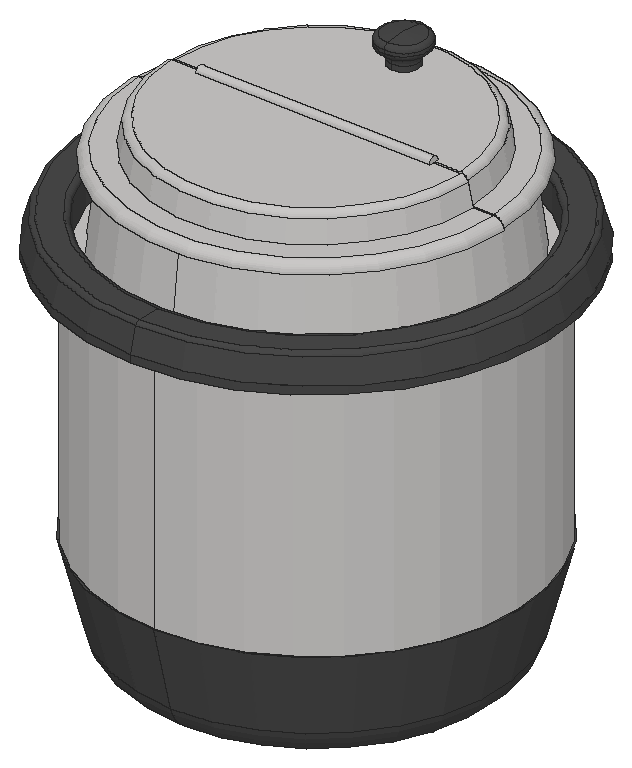
Revit family "QF_Vollrath_74701D", category Specialty Equipment, Revit 2016
Family settings
  Part Type = Normal
  Round Connector Dimension = Use Diameter
  OmniClass Number = 23.40.40.14.17.31
  OmniClass Title = Small Specialized Cooking Equipment
  Work Plane-Based = Yes
  Always vertical = Yes
  Cut with Voids When Loaded = No
  Shared = No
  Room Calculation Point = No
Parameters
  Weight in Pounds = 12.4
  Watts = 800 W
  Watermarked By = "http://revitwatermark.com"
  Volts = 120 V
  URL Cutsheet = ""
  URL = "www.vollrathco.com"
  Status [instance] = ""
  Specification by User [instance] = ""
  Specification by Manufacturer [instance] = ""
  Serial Number [instance] = ""
  Revision Code [instance] = ""
  Phase = 1
  Outer Diameter = 0' - 11.9"  # constant formula
  Number of Poles [instance] = 1
  NAFEM Spec ID Number [instance] = ""
  Model = "74701D"
  Material = QF_Finishes_Black
  Masterspec [instance] = ""
  Manufacturer = "Vollrath"
  Item Number [instance] = "-"
  Installed By [instance] = ""
  Furnished By [instance] = ""
  Foodservice Equipment Identifier = yes
  FL Amps = 6.7 A
  Electrical Remarks [instance] = ""
  Electric Connection Type [instance] = ""
  Elec Conn RI Height [instance] = 0' - 0"
  Elec Conn Connection Height = -0' - 9 1/4"
  Description = "7 qt. Induction Rethermalizer, Drop-In"
  Default Elevation = 4' - 0"
  Cycle = 60 Hz
  Conn Plug = "NEMA 5-15P"
  CSI MasterFormat = "11 44 00"
  Assembly Code = "E1090320"
  Apparent Power = if(Phase = 3, Volts * FL Amps * 1.73, Volts * FL Amps)  # 804 VA
Reference planes (in)
  plane 1 "FRONT": y = 0
  plane 2: z = 0
  plane 3 "LEFT": x = -9.10443
  plane 4 "RIGHT": x = 2.79557
  plane 5 "BACK": y = -11.9
  plane 6 "Center FB": x = -3.15443
  plane 7 "Center LR": y = -5.95
  plane 8 "TOP": z = 3.8125
  plane 9 "Top of Lid": z = 3.0625
  plane 10 "Top of Unit": z = 0.87467
  plane 11 "Bottom of Lid": z = 2.1225
  plane 12 "BOTTOM": z = -9.25
Forms (in)
  Extrusion 1, solid, material "QF_Finishes_Stainless Steel"
    sketch origin (0, 0, -6.45) x (0, 1, 0) y (-1, 0, 0)
      loop
        circle (-5.95, 3.15443) r 5.18
    from 0 to 6.45
  Revolve 2, solid, material "QF_Finishes_Black" <- "Material"
    sketch origin (-3.15443, 0, -9.26533) x (0, 1, 0) y (0, 0, 1)
      loop
        line (-1, 9.26533) -> (0, 9.26533) -> (0, 9.46533) -> (-0.16331, 10.04524)
        arc (-0.16331, 10.04524) -> (-0.20996, 10.11364) -> (-0.28845, 10.14) r 0.13
        line (-0.28845, 10.14) -> (-0.87, 10.14)
        arc (-0.87, 10.14) -> (-0.96192, 10.10192) -> (-1, 10.01) r 0.13
        line (-1, 10.01) -> (-1, 9.26533)
      axis (-5.95, 10.14) -> (-5.95, 9.26533)
    angle from 0 to 360
  Revolve 3, solid, material "QF_Finishes_Polished Steel"
    sketch origin (-3.15443, 0, -9.26533) x (0, 1, 0) y (0, 0, 1)
      loop
        line (-5.95, 9.26533) -> (-1.3016, 9.26533) -> (-1.58, 11.38783) -> (-5.95, 11.38783) -> (-5.95, 9.26533)
      axis (-5.95, 11.38783) -> (-5.95, 9.26533)
    angle from 0 to 360
  Revolve 4, solid, material "QF_Finishes_Stainless Steel"
    sketch origin (-3.15443, 0, -9.26533) x (0, 1, 0) y (0, 0, 1)
      loop
        line (-5.95, 11.38783) -> (-1.14, 11.38783)
        arc (-1.14, 11.38783) -> (-1.21322, 11.56461) -> (-1.39, 11.63783) r 0.25
        line (-1.39, 11.63783) -> (-1.94, 11.63783) -> (-2.04911, 12.17561)
        arc (-2.04911, 12.17561) -> (-2.11507, 12.28493) -> (-2.23532, 12.32783) r 0.19
        line (-2.23532, 12.32783) -> (-5.95, 12.32783) -> (-5.95, 11.38783)
      axis (-5.95, 12.32783) -> (-5.95, 11.38783)
    angle from 90 to 270
  Revolve 5, solid, material "QF_Finishes_Stainless Steel"
    sketch origin (-3.15443, 0, -9.26533) x (0, 1, 0) y (0, 0, 1)
      loop
        line (-5.89203, 11.38783) -> (-1.14, 11.38783)
        arc (-1.14, 11.38783) -> (-1.21322, 11.56461) -> (-1.39, 11.63783) r 0.25
        line (-1.39, 11.63783) -> (-1.94, 11.63783) -> (-2.04911, 12.17561)
        arc (-2.04911, 12.17561) -> (-2.11507, 12.28493) -> (-2.23532, 12.32783) r 0.19
        line (-2.23532, 12.32783) -> (-5.89203, 12.32783) -> (-5.89203, 11.38783)
      axis (-5.89203, 12.32783) -> (-5.89203, 11.38783)
    angle from -90 to 90
  Extrusion 6, solid, material "QF_Finishes_Stainless Steel"
    sketch origin (-3.15443, 0, -9.26533) x (0, 1, 0) y (0, 0, 1)
      loop
        line (-6.05676, 12.32783) -> (-5.80676, 12.32783)
        arc (-5.80676, 12.32783) -> (-5.93176, 12.45283) -> (-6.05676, 12.32783) r 0.125
    from -3 to 3
  Revolve 7, solid, material "QF_Finishes_Black"
    sketch origin (-3.15443, 0, -9.26533) x (0, 1, 0) y (0, 0, 1)
      loop
        line (-3.14, 12.32783) -> (-3.14, 13.07783)
        arc (-3.14, 13.07783) -> (-3.39554, 13.05243) -> (-3.65, 13.01783) r 7.124
        arc (-3.65, 13.01783) -> (-3.72611, 12.97718) -> (-3.76, 12.89783) r 0.13
        line (-3.76, 12.89783) -> (-3.76, 12.81783)
        arc (-3.76, 12.81783) -> (-3.74047, 12.74418) -> (-3.68, 12.69783) r 0.118
        arc (-3.68, 12.69783) -> (-3.55886, 12.60954) -> (-3.51, 12.46783) r 0.25
        line (-3.51, 12.46783) -> (-3.51, 12.32783) -> (-3.14, 12.32783)
      axis (-3.14, 13.07783) -> (-3.14, 12.32783)
    angle from 0 to 360
  Revolve 8, solid, material "QF_Finishes_Black"
    sketch origin (-3.15443, 0, 0) x (0, 1, 0) y (0, 0, 1)
      loop
        line (-5.95, -6.45) -> (-5.95, -9.25) -> (-2.24883, -9.25)
        arc (-2.24883, -9.25) -> (-1.64007, -9.04335) -> (-1.28291, -8.50882) r 1
        line (-1.28291, -8.50882) -> (-0.73125, -6.45) -> (-5.95, -6.45)
      axis (-5.95, -9.25) -> (-5.95, -6.45)
    angle from 0 to 360
  Extrusion 9, solid, material "QF_Finishes_Black"
    sketch origin (0, 0, -9.25) x (0, 1, 0) y (-1, 0, 0)
      loop
        circle (-5.95, 3.15443) r 0.25
    from 0 to -0.0625
Lines and regions (in)
  symbolic lines
    curve 1: arc (-3.15443, 0, 0) -> (-9.10443, -5.95, 0) -> (-3.15443, -11.9, 0) r 5.95
    curve 2: arc (-3.15443, -11.9, 0) -> (2.79557, -5.95, 0) -> (-3.15443, 0, 0) r 5.95
    curve 3: arc (-3.15443, -2.52, 0) -> (-2.53443, -3.14, 0) -> (-3.15443, -3.76, 0) r 0.62
    curve 4: arc (-3.15443, -3.76, 0) -> (-3.77443, -3.14, 0) -> (-3.15443, -2.52, 0) r 0.62
    curve 5: line (-0.15443, -5.80676, 0) -> (-6.15443, -5.80676, 0)
    curve 6: line (-6.15443, -6.05676, 0) -> (-0.15443, -6.05676, 0)
    curve 7: line (-6.15443, -5.80676, 0) -> (-6.15443, -6.05676, 0)
    curve 8: line (-0.15443, -6.05676, 0) -> (-0.15443, -5.80676, 0)
    curve 9: arc (-7.10646, -5.89203, 0) -> (-3.15443, -1.94, 0) -> (0.79761, -5.89203, 0) r 3.95203
    curve 10: arc (-3.15443, -1.58, 0) -> (1.21557, -5.95, 0) -> (-3.15443, -10.32, 0) r 4.37
    curve 11: arc (-3.15443, -10.32, 0) -> (-7.52443, -5.95, 0) -> (-3.15443, -1.58, 0) r 4.37
    curve 12: arc (0.85557, -5.95, 0) -> (-3.15443, -9.96, 0) -> (-7.16443, -5.95, 0) r 4.01
    curve 13: line (-7.10646, -5.89203, 0) -> (-6.15443, -5.89203, 0)
    curve 14: line (-7.16443, -5.95, 0) -> (-6.15443, -5.95, 0)
    curve 15: line (0.79761, -5.89203, 0) -> (-0.15443, -5.89203, 0)
    curve 16: line (0.85557, -5.95, 0) -> (-0.15443, -5.95, 0)
    curve 17: arc (-3.15443, -1, 0) -> (-8.10443, -5.95, 0) -> (-3.15443, -10.9, 0) r 4.95
    curve 18: arc (-3.15443, -10.9, 0) -> (1.79557, -5.95, 0) -> (-3.15443, -1, 0) r 4.95
Dimensions and locks (in)
  "Outer Diameter": plane 3 "LEFT" to plane 4 "RIGHT"
  "Outer Diameter": plane 5 "BACK" to plane 1 "FRONT"
  equal spacing: plane 3 "LEFT", plane 6 "Center FB", plane 4 "RIGHT"
  equal spacing: plane 5 "BACK", plane 7 "Center LR", plane 1 "FRONT"
  locked: plane 10 "Top of Unit" to level at 0.87467
  locked: level to plane 12 "BOTTOM" at 9.25
  locked: plane 9 "Top of Lid" to plane 12 "BOTTOM" at 12.3125
  locked: plane 9 "Top of Lid" to plane 11 "Bottom of Lid" at 0.94
  locked: plane 8 "TOP" to plane 9 "Top of Lid" at 0.75
  aligned and locked: level to plane 2
Automatic sketch dimensions
  curve 1 to curve 2 = 0' - 0"  (x2)
  curve 1 to curve 10 = 0' - 0"  (x2)
  curve 1 to curve 11 = 0' - 0"  (x2)
  curve 1 to curve 12 = 0' - 0"  (x2)
  curve 1 to curve 17 = 0' - 0"  (x2)
  curve 1 to curve 18 = 0' - 0"  (x2)
  curve 2 to curve 10 = 0' - 0"  (x2)
  curve 2 to curve 11 = 0' - 0"  (x2)
  curve 2 to curve 12 = 0' - 0"  (x2)
  curve 2 to curve 17 = 0' - 0"  (x2)
  curve 2 to curve 18 = 0' - 0"  (x2)
  curve 3 to curve 4 = 0' - 0"  (x2)
  curve 10 to curve 11 = 0' - 0"  (x2)
  curve 10 to curve 12 = 0' - 0"  (x2)
  curve 10 to curve 17 = 0' - 0"  (x2)
  curve 10 to curve 18 = 0' - 0"  (x2)
  curve 11 to curve 12 = 0' - 0"  (x2)
  curve 11 to curve 17 = 0' - 0"  (x2)
  curve 11 to curve 18 = 0' - 0"  (x2)
  curve 12 to curve 17 = 0' - 0"  (x2)
  curve 12 to curve 18 = 0' - 0"  (x2)
  curve 17 to curve 18 = 0' - 0"  (x2)
  curve 12 to plane 7 "Center LR" = 0' - 0"
  curve 4 to plane 6 "Center FB" = 0' - 0"
  curve 18 to plane 6 "Center FB" = 0' - 0"
  curve 9 to plane 6 "Center FB" = 0' - 0"
  plane 5 "BACK" to curve 1 = 0' - 0"
  plane 7 "Center LR" to curve 5 = 0' - 0.14324"
  plane 3 "LEFT" to curve 5 = 0' - 2.95"
  plane 7 "Center LR" to curve 9 = 0' - 0.05797"
  curve 9 to curve 13 = 0' - 0.95203"
  curve 14 to curve 13 = 0' - 0.05797"
  curve 8 to plane 7 "Center LR" = 0' - 0.10676"
  curve 8 to curve 15 = 0' - 0.95203"
  curve 18 to plane 5 "BACK" = 0' - 1"
  curve 17 to curve 11 = 0' - 0.58"
  curve 9 to curve 4 = 0' - 2.13203"
  curve 3 to curve 3 = 0' - 0.62"
  Extrusion 1 sketch curve to plane 6 "Center FB" = 0' - 0"
  Extrusion 1 sketch curve to plane 7 "Center LR" = 0' - 0"
  Revolve 2 sketch curve to plane 7 "Center LR" = 0' - 0"
  Revolve 2 sketch curve to plane 10 "Top of Unit" = 0' - 0"
  Revolve 2 sketch curve to plane 1 "FRONT" = 0' - 0"
  plane 1 "FRONT" to Revolve 2 sketch curve = 0' - 1"
  Revolve 2 sketch curve to Revolve 2 sketch curve = 0' - 0.13"
  plane 1 "FRONT" to Revolve 2 sketch curve = 0' - 0.28845"
  Revolve 2 sketch curve to plane 10 "Top of Unit" = 0' - 0.09476"
  Revolve 2 sketch curve to Revolve 2 sketch curve = 0' - 0.12513"
  Revolve 2 sketch curve to Revolve 2 sketch curve = 0' - 0.57991"
  Revolve 2 sketch curve to Revolve 2 sketch curve = 0' - 0.2"
  Revolve 2 sketch curve to level = 1' - 9.26533"
  plane 8 "TOP" to Revolve 2 sketch curve = 6' - 10.57"
  Revolve 3 sketch curve to plane 7 "Center LR" = 0' - 0"  (x2)
  Revolve 3 sketch curve to plane 11 "Bottom of Lid" = 0' - 0"
  plane 1 "FRONT" to Revolve 3 sketch curve = 0' - 1.58"
  plane 1 "FRONT" to Revolve 3 sketch curve = 0' - 1.3016"
  Revolve 3 sketch curve to plane 10 "Top of Unit" = 0' - 0.87467"
  Revolve 3 sketch curve to level = 1' - 9.26533"
  plane 8 "TOP" to Revolve 3 sketch curve = 6' - 10.57"
  Revolve 4 sketch curve to plane 7 "Center LR" = 0' - 0"  (x2)
  Revolve 4 sketch curve to plane 9 "Top of Lid" = 0' - 0"
  Revolve 4 sketch curve to plane 11 "Bottom of Lid" = 0' - 0"
  plane 1 "FRONT" to Revolve 4 sketch curve = 0' - 2.23532"
  Revolve 4 sketch curve to plane 9 "Top of Lid" = 0' - 0.15222"
  Revolve 4 sketch curve to Revolve 4 sketch curve = 0' - 0.18621"
  plane 11 "Bottom of Lid" to Revolve 4 sketch curve = 0' - 0 1/4"
  Revolve 4 sketch curve to Revolve 4 sketch curve = 0' - 0.10911"
  Revolve 4 sketch curve to Revolve 4 sketch curve = 0' - 0.55"
  Revolve 4 sketch curve to level = 1' - 9.26533"
  plane 8 "TOP" to Revolve 4 sketch curve = 6' - 10.57"
  Revolve 5 sketch curve to plane 11 "Bottom of Lid" = 0' - 0"
  Revolve 5 sketch curve to plane 9 "Top of Lid" = 0' - 0"
  plane 7 "Center LR" to Revolve 5 sketch curve = 0' - 0.05797"  (x2)
  plane 1 "FRONT" to Revolve 5 sketch curve = 0' - 2.23532"
  Revolve 5 sketch curve to plane 9 "Top of Lid" = 0' - 0.15222"
  Revolve 5 sketch curve to Revolve 5 sketch curve = 0' - 0.18621"
  plane 11 "Bottom of Lid" to Revolve 5 sketch curve = 0' - 0 1/4"
  Revolve 5 sketch curve to Revolve 5 sketch curve = 0' - 0.10911"
  Revolve 5 sketch curve to Revolve 5 sketch curve = 0' - 0.55"
  plane 10 "Top of Unit" to Revolve 5 sketch curve = 0' - 0.42764"
  plane 8 "TOP" to Revolve 5 sketch curve = 0' - 0.35953"
  Extrusion 6 sketch curve to plane 9 "Top of Lid" = 0' - 0"
  Extrusion 6 sketch curve to plane 7 "Center LR" = 0' - 0.10676"
  plane 7 "Center LR" to Extrusion 6 sketch curve = 0' - 0.01824"
  Revolve 7 sketch curve to plane 9 "Top of Lid" = 0' - 0"
  Revolve 7 sketch curve to plane 8 "TOP" = 0' - 0"
  Revolve 7 sketch curve to plane 8 "TOP" = 0' - 0.18"
  plane 7 "Center LR" to Revolve 7 sketch curve = 0' - 2.19"
  plane 9 "Top of Lid" to Revolve 7 sketch curve = 0' - 0.13311"
  Revolve 7 sketch curve to Revolve 7 sketch curve = 0' - 0.00009"
  Revolve 7 sketch curve to Revolve 7 sketch curve = 0' - 0.08"
  Revolve 7 sketch curve to Revolve 7 sketch curve = 0' - 0"  (x2)
  Revolve 7 sketch curve to plane 8 "TOP" = 0' - 0.06"
  Revolve 7 sketch curve to Revolve 7 sketch curve = 0' - 0.11"
  Revolve 7 sketch curve to Revolve 7 sketch curve = 0' - 0.03772"
  Revolve 7 sketch curve to Revolve 7 sketch curve = 0' - 0.01201"
  Revolve 7 sketch curve to Revolve 7 sketch curve = 0' - 0.24991"
  plane 7 "Center LR" to Revolve 7 sketch curve = 0' - 2.81"
  Revolve 7 sketch curve to Revolve 7 sketch curve = 0' - 0.51"
  Revolve 7 sketch curve to Revolve 7 sketch curve = 0' - 1.86648"
  Revolve 7 sketch curve to Revolve 7 sketch curve = 0' - 0.14"
  Revolve 7 sketch curve to Revolve 7 sketch curve = 0' - 4.4351"
  Revolve 8 sketch curve to plane 7 "Center LR" = 0' - 0"  (x2)
  Revolve 8 sketch curve to plane 12 "BOTTOM" = 0' - 0"
  plane 1 "FRONT" to Revolve 8 sketch curve = 0' - 2.24883"
  plane 12 "BOTTOM" to Revolve 8 sketch curve = 0' - 0.74118"
  Revolve 8 sketch curve to Revolve 8 sketch curve = 0' - 0.96593"
  plane 1 "FRONT" to Revolve 8 sketch curve = 0' - 0.73125"
  Revolve 8 sketch curve to Revolve 8 sketch curve = 0' - 2 3/4"
  Revolve 8 sketch curve to Revolve 8 sketch curve = 0' - 2.05882"
  plane 8 "TOP" to Revolve 8 sketch curve = 7' - 8 3/16"
  Extrusion 9 sketch curve to plane 6 "Center FB" = 0' - 0"
  Extrusion 9 sketch curve to plane 7 "Center LR" = 0' - 0"
  radius of Extrusion 1 sketch curve = 0' - 5.18"
  radius of Extrusion 9 sketch curve = 0' - 0 1/4"
Connectors (in)
  electrical at (-3.15443, -5.95, -9.3125), driven by "Number of Poles", driven by "Volts", driven by "Apparent Power"
    settings: on Extrusion 9, index 1, voltage 120 V, apparent load 804 VA, apparent load phase1 0 VA, apparent load phase2 0 VA, apparent load phase3 0 VA, power factor 1, load classification "Other", number of poles 1, system type 30, power factor state 1, is connector primary yes, connector utility no, sub classification motor no, connector description "Electric"
